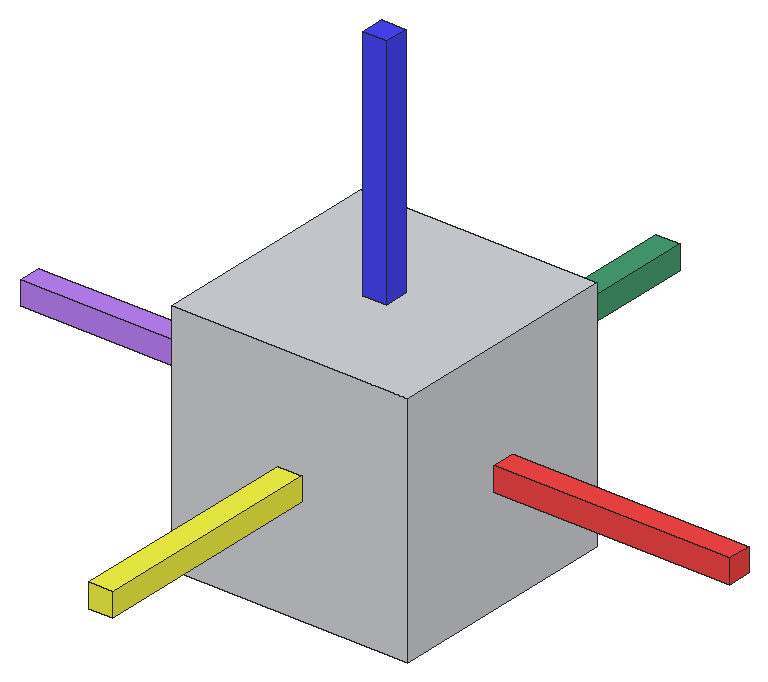
Revit family "SampleFamily1.rvt", category Обобщенные модели, Revit 2021
Family settings
  Может служить основой для арматурных стержней = Нет
  Размер круглого соединителя = Использовать диаметр
  Тип детали = Нормальный
  На основе рабочей плоскости = Нет
  Всегда вертикально = Да
  При загрузке вырезать с полостями = Нет
  Общий = Да
  Точка принадлежности помещению = Нет
Parameters (values of type "кубик")
  Отметка по умолчанию = 0 mm
  dz/2 [instance] = dz / 2  # 2500 mm
  dz [instance] = 5000 mm
  dy/2 [instance] = dy / 2  # 2500 mm
  dy [instance] = 5000 mm
  dx/2 [instance] = dx / 2  # 2500 mm
  dx [instance] = 5000 mm
Reference planes
  plane 1 "По центру (Вперед/Назад)": y = 0
  plane 2: z = 0
  plane 3 "По центру (Влево/Вправо)": x = 0
  plane 4: y = 5000
  plane 5: x = 5000
  plane 6: z = 5000
  plane 7: x = 2500
  plane 8: y = 2500
  plane 9: z = 2500
Forms (mm)
  Extrusion 1, solid
    sketch origin (2000, 2040, 0) x (1, 0, 0) y (0, 1, 0)
      loop
        line (-2000, 2960) -> (-2000, -2040) -> (3000, -2040) -> (3000, 2960) -> (-2000, 2960)
    from 0 to 5000
Dimensions and locks
  "dy": plane 1 "По центру (Вперед/Назад)" to plane 4
  "dx": plane 3 "По центру (Влево/Вправо)" to plane 5
  "dz": plane 6 to plane 2
  "dy/2": plane 1 "По центру (Вперед/Назад)" to plane 8
  "dx/2": plane 3 "По центру (Влево/Вправо)" to plane 7
  "dz/2": plane 9 to plane 2
  aligned and locked: level to plane 2
  aligned and locked: plane 1 "По центру (Вперед/Назад)" to Extrusion 1
  aligned and locked: Extrusion 1 to plane 3 "По центру (Влево/Вправо)"
  aligned and locked: Extrusion 1 to plane 5
  aligned and locked: plane 4 to Extrusion 1
  aligned and locked: plane 6 to Extrusion 1
  aligned and locked: plane 7 to nested 3
  aligned and locked: nested 4 to plane 7
  aligned and locked: plane 8 to nested 5
  aligned and locked: nested 2 to plane 8
  aligned and locked: plane 9 to nested 5
  aligned and locked: plane 9 to nested 2
  aligned and locked: plane 9 to nested 3
  aligned and locked: plane 9 to nested 4
  aligned and locked: nested 1 to plane 7
  aligned and locked: nested 1 to plane 8
Automatic sketch dimensions
  plane 1 "По центру (Вперед/Назад)" to Extrusion 1 sketch curve = 0 mm
  Extrusion 1 sketch curve to plane 3 "По центру (Влево/Вправо)" = 0 mm
  Extrusion 1 sketch curve to plane 5 = 0 mm
  Extrusion 1 sketch curve to plane 4 = 0 mm
Nested families
  nested 1: "SampleFamily2.rvt" at (2500, 2500, 5000), type "Синий"
    with dz 5000 mm, dy 500 mm, dx 500 mm
  nested 2: "SampleFamily2.rvt" at (5000, 2500, 2500) x (0, -1, 0) z (1, 0, 0), type "Красный"
    with dz 5000 mm, dy 500 mm, dx 500 mm
  nested 3: "SampleFamily2.rvt" at (2500, 0, 2500) x (-1, 0, 0) z (0, -1, 0), type "Жёлтый"
    with dz 5000 mm, dy 500 mm, dx 500 mm
  nested 4: "SampleFamily2.rvt" at (2500, 5000, 2500) x (1, 0, 0) z (0, 1, 0), type "Зелёный"
    with dz 5000 mm, dy 500 mm, dx 500 mm
  nested 5: "SampleFamily2.rvt" at (0, 2500, 2500) x (0, 1, 0) z (-1, 0, 0), type "Фиолетовый"
    with dz 5000 mm, dy 500 mm, dx 500 mm
Definition of nested family "SampleFamily2.rvt"
  Parameters (values of type "Розовый")
    Цвет = none
    Default Elevation = 1219.2 mm
    dz [instance] = 5000 mm
    dy [instance] = 500 mm
    dx [instance] = 500 mm
  Types (6): name
    Синий
    Зелёный
    Красный
    Жёлтый
    Фиолетовый
    Розовый
  Reference planes
    plane 1 "По центру (Вперед/Назад)": y = 0
    plane 2: z = 0
    plane 3 "По центру (Влево/Вправо)": x = 0
    plane 4: x = -250
    plane 5: x = 250
    plane 6: y = -250
    plane 7: y = 250
    plane 8: z = 5000
  Forms (mm)
    Extrusion 1, solid
      sketch origin (19.2, 0, 0) x (1, 0, 0) y (0, 1, 0)
        loop
          line (-1219.2, 1219.2) -> (-1219.2, -1219.2) -> (1219.2, -1219.2) -> (1219.2, 1219.2) -> (-1219.2, 1219.2)
      from 0 to -550.232
    Extrusion 2, solid, material <- "Цвет"
      sketch origin (0, 0, 0) x (1, 0, 0) y (0, 1, 0)
        loop
          line (-250, -250) -> (250, -250) -> (250, 250) -> (-250, 250) -> (-250, -250)
      from 0 to 5000
  Dimensions and locks
    equal spacing: plane 4, plane 3 "По центру (Влево/Вправо)", plane 5
    "dx": plane 4 to plane 5
    equal spacing: plane 7, plane 1 "По центру (Вперед/Назад)", plane 6
    "dy": plane 7 to plane 6
    "dz": plane 8 to plane 2
    aligned and locked: plane 2 to Extrusion 1
    aligned and locked: level to Extrusion 1
    aligned and locked: Extrusion 2 sketch curve to plane 6
    aligned and locked: Extrusion 2 sketch curve to plane 4
    aligned and locked: plane 7 to Extrusion 2 sketch curve
    aligned and locked: plane 5 to Extrusion 2 sketch curve
    aligned and locked: plane 8 to Extrusion 2
  Automatic sketch dimensions
    Extrusion 1 sketch curve to Extrusion 1 sketch curve = 2438.4 mm  (x2)
